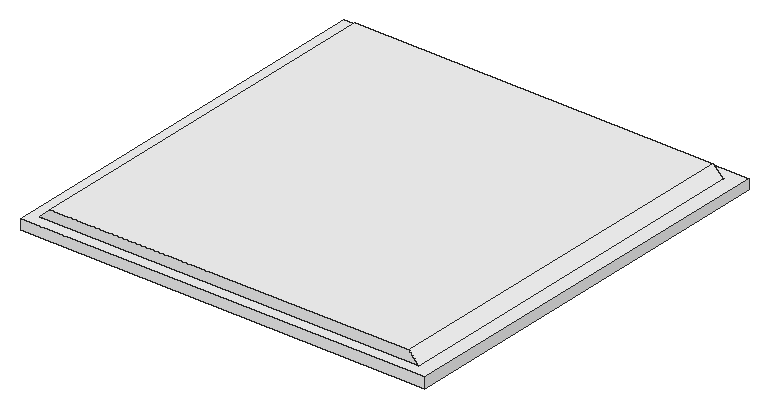
Revit family "JIMMY-II-PANEL_LED_40W_BACKLIGHT_3975LM_4000K_UGR19_595X593_3_ANS_G", category Lighting Fixtures, host Ceiling, Revit 2021
Family settings
  Host = Ceiling
  Round Connector Dimension = Use Diameter
  Part Type = Normal
  OmniClass Number = 23.80.70.11
  OmniClass Title = Luminaries for Internal Lighting
  Always vertical = Yes
  Cut with Voids When Loaded = No
  Light Source = Yes
  Shared = No
  Room Calculation Point = No
Parameters (values of type "Type 1")
  Wattage Comments = "40W"
  Wattage = 26.9284 W
  built-in parameter 1150110 = 1 (stored number, unit not read)
  URL = "https://www.lucera.fr/"
  built-in parameter 1114217 = 1 (stored number, unit not read)
  Tilt Angle = 90.00°
  built-in parameter 1150109 = 1 (stored number, unit not read)
  built-in parameter 1150134 = 12
  built-in parameter 1150113 = 1 (stored number, unit not read)
  SDCM = "<3"
  Puissance nominale = "40W"
  Photometric Web File = "google_eulumdat_converter.ies"
  Matériau = "aluminium laqué blanc"
  Manufacturer = "Lucera - Lucera (c) 06/01/2021 16:38:00 +01:00"  # constant formula
  Maintien du flux = "L80B10 (50 000 heures)"
  Lumens = 4000 lm
  built-in parameter 1150115 = 1 (stored number, unit not read)
  built-in parameter 1150105 = 318.31 (stored number, unit not read)
  built-in parameter 1150137 = (empty or 0)
  built-in parameter 1150139 = (empty or 0)
  built-in parameter 1150112 = 1 (stored number, unit not read)
  built-in parameter 1150114 = 1 (stored number, unit not read)
  Lamp = "LED San’an 100lm/W"
  built-in parameter 1150132 = 2
  built-in parameter 1150102 = (empty or 0)
  built-in parameter 1150138 = (empty or 0)
  built-in parameter 1150107 = 4000 (stored number, unit not read)
  built-in parameter 1150106 = 3.1831 (stored number, unit not read)
  IRC = ">80"
  Emit from Rectangle Width = 609.6 mm
  Emit from Rectangle Length = 1219.2 mm
  Emit Shape Visible in Rendering = no
  built-in parameter 1150104 = 13.8 (stored number, unit not read)
  Durée de vie = "50 000 heures"
  Driver = "Driver classe 2 marque Lifud no-flicker avec connecteur rapide / option DALI"
  Dimming Lamp Color Temperature Shift = <None>
  Dimensions d’encastrement = "595 x 595 x 30 mm"
  Dimensions = "595 x 595 x 30 mm"
  Diffuseur = "Diffuseur prismatique"
  Default Elevation = 0 mm
  Color Filter = 16777215
  built-in parameter 1114218 = 1 (stored number, unit not read)
  built-in parameter 1150133 = 10 (stored number, unit not read)
  Angle d'éclairage = "90°"
  Alimentation luminaire = "33-40V dc / 1000 mA"
  Alimentation Driver = "220-240V AC"
Reference planes
  plane 1 "Light Source Axis (F/B)": y = 0
  plane 2: z = 0
  plane 3 "Light Source Axis (L/R)": x = 0
  plane 4 "Ceiling": z = 4000
  plane 5 "Light Source Elevation": z = 3988.813
Forms (mm)
  Extrusion 1, solid, material "Aluminum laqué blanc"
    sketch origin (-2.5, 0, 3985) x (0, 1, 0) y (-1, 0, 0)
      loop
        line (295, 297.5) -> (-300, 297.5) -> (-300, -297.5) -> (295, -297.5) -> (295, 297.5)
      loop
        line (277.006, 278.742) -> (-282.994, 278.742) -> (-282.994, -276.258) -> (277.006, -276.258) -> (277.006, 278.742)
    from 0 to 15
  Extrusion 2, solid, material "Aluminum laqué blanc"
    sketch origin (-1.332, 0, 0) x (1, 0, 0) y (0, 0, 1)
      loop
        line (273.758, 4000) -> (258.758, 4015) -> (-268.668, 4015) -> (-283.668, 4000) -> (273.758, 4000)
    from -277.006 to 282.994
  Extrusion 3, solid, material "Glass, White, High Luminance"
    sketch origin (0, 0, 4000) x (0, 1, 0) y (-1, 0, 0)
      loop
        line (277.006, 281.242) -> (-282.994, 281.242) -> (-282.994, -272.426) -> (277.006, -272.426) -> (277.006, 281.242)
    from -16.671 to -11.187
Lines and regions (mm)
  reference lines
    curve 1: line (0, 325, 3983.329) -> (0, 325, 4013.329)
    curve 2: line (0, 325, 4013.329) -> (0, -300, 4013.329)
    curve 3: line (0, -300, 4013.329) -> (0, -300, 3983.329)
    curve 4: line (0, -300, 4000) -> (297.5, -300, 4000)
    curve 5: line (297.5, -300, 4000) -> (297.5, 295, 4000)
    curve 6: line (297.5, 295, 4000) -> (-297.5, 295, 4000)
    curve 7: line (-297.5, 295, 4000) -> (-297.5, -300, 4000)
    curve 8: line (-297.5, -300, 4000) -> (0, -300, 4000)
    curve 9: line (257.426, 0, 4015) -> (295, 0, 4015)
    curve 10: line (295, 0, 4015) -> (-300, 0, 4015)
    curve 11: line (-300, 0, 4015) -> (-300, 0, 3985)
Dimensions and locks
  equal spacing: host sketch curve, plane 3 "Light Source Axis (L/R)", host sketch curve
  equal spacing: host sketch curve, plane 1 "Light Source Axis (F/B)", host sketch curve
  host sketch curve to host sketch curve = 4000 mm  (x2)
  plane 4 "Ceiling" to host ceiling = 0 mm
  aligned and locked: plane 3 "Light Source Axis (L/R)" to imposter light
  aligned and locked: plane 1 "Light Source Axis (F/B)" to imposter light
  aligned and locked: plane 5 "Light Source Elevation" to imposter light
